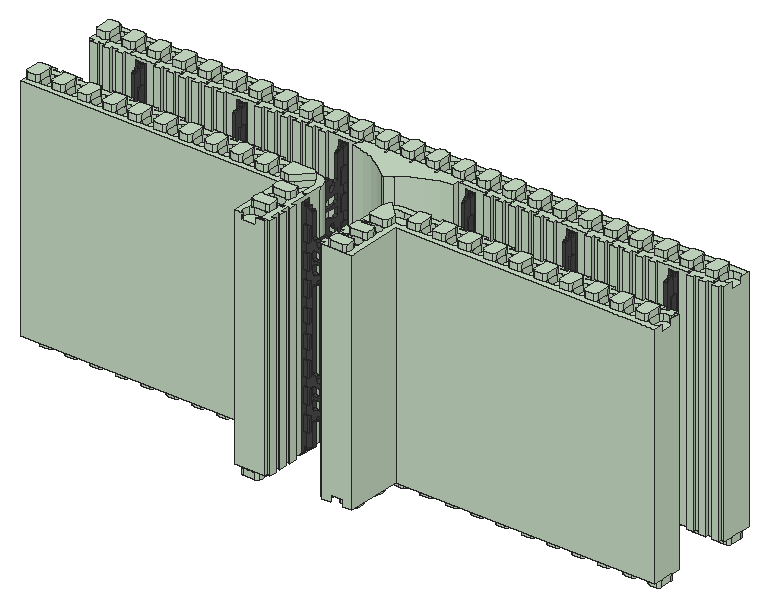
Revit family "ICF- NUDURA 4-inch- Short T Form Unit- Imperial", category Generic Models, Revit 2011 (continued)
Forms (in)
  Extrusion 46, void
    sketch origin (7.99998, -2.00002, 0) x (0, -1, 0) y (1, 0, 0)
      loop
        arc (-3.97692, -25.99998) -> (-3.88568, -25.98274) -> (-3.80702, -25.93338) r 0.25
        arc (-3.80702, -25.93338) -> (-3.78736, -25.92104) -> (-3.76455, -25.91673) r 0.0625
        line (-3.76455, -25.91673) -> (-3.41845, -25.91673) -> (-3.41845, -25.7459) -> (-3.64005, -25.7459)
        arc (-3.64005, -25.7459) -> (-3.68771, -25.72383) -> (-3.70172, -25.67321) r 0.0625
        arc (-3.70172, -25.67321) -> (-3.69045, -25.4209) -> (-3.73905, -25.17306) r 1.0625
        arc (-3.73905, -25.17306) -> (-3.82983, -25.04783) -> (-3.97692, -24.99998) r 0.25
        line (-3.97692, -24.99998) -> (-4.89808, -24.99998)
        arc (-4.89808, -24.99998) -> (-5.04517, -25.04783) -> (-5.13595, -25.17306) r 0.25
    from 18 to 17.5
  Extrusion 47, void
    sketch origin (9.99998, -2.00002, 0) x (0, -1, 0) y (1, 0, 0)
      loop
        arc (-5.13595, -25.17306) -> (-5.1875, -25.49998) -> (-5.13595, -25.8269) r 1.0625
        arc (-5.13595, -25.8269) -> (-5.04517, -25.95213) -> (-4.89808, -25.99998) r 0.25
        line (-4.89808, -25.99998) -> (-3.97692, -25.99998)
        arc (-3.97692, -25.99998) -> (-3.88568, -25.98274) -> (-3.80702, -25.93338) r 0.25
        arc (-3.80702, -25.93338) -> (-3.78736, -25.92104) -> (-3.76455, -25.91673) r 0.0625
        line (-3.76455, -25.91673) -> (-3.41845, -25.91673) -> (-3.41845, -25.7459) -> (-3.64005, -25.7459)
        arc (-3.64005, -25.7459) -> (-3.68771, -25.72383) -> (-3.70172, -25.67321) r 0.0625
        arc (-3.70172, -25.67321) -> (-3.69045, -25.4209) -> (-3.73905, -25.17306) r 1.0625
        arc (-3.73905, -25.17306) -> (-3.82983, -25.04783) -> (-3.97692, -24.99998) r 0.25
        line (-3.97692, -24.99998) -> (-4.89808, -24.99998)
        arc (-4.89808, -24.99998) -> (-5.04517, -25.04783) -> (-5.13595, -25.17306) r 0.25
    from 18 to 17.5
  Extrusion 48, void
    sketch origin (11.99998, -2.00002, 0) x (0, -1, 0) y (1, 0, 0)
      loop
        arc (-5.13595, -25.17306) -> (-5.1875, -25.49998) -> (-5.13595, -25.8269) r 1.0625
        arc (-5.13595, -25.8269) -> (-5.04517, -25.95213) -> (-4.89808, -25.99998) r 0.25
        line (-4.89808, -25.99998) -> (-3.97692, -25.99998)
        arc (-3.97692, -25.99998) -> (-3.88568, -25.98274) -> (-3.80702, -25.93338) r 0.25
        arc (-3.80702, -25.93338) -> (-3.78736, -25.92104) -> (-3.76455, -25.91673) r 0.0625
        line (-3.76455, -25.91673) -> (-3.41845, -25.91673) -> (-3.41845, -25.7459) -> (-3.64005, -25.7459)
        arc (-3.64005, -25.7459) -> (-3.68771, -25.72383) -> (-3.70172, -25.67321) r 0.0625
        arc (-3.70172, -25.67321) -> (-3.69045, -25.4209) -> (-3.73905, -25.17306) r 1.0625
        arc (-3.73905, -25.17306) -> (-3.82983, -25.04783) -> (-3.97692, -24.99998) r 0.25
        line (-3.97692, -24.99998) -> (-4.89808, -24.99998)
        arc (-4.89808, -24.99998) -> (-5.04517, -25.04783) -> (-5.13595, -25.17306) r 0.25
    from 18 to 17.5
  Extrusion 49, void
    sketch origin (13.99998, -2.00002, 0) x (0, -1, 0) y (1, 0, 0)
      loop
        arc (-5.13595, -25.17306) -> (-5.1875, -25.49998) -> (-5.13595, -25.8269) r 1.0625
        arc (-5.13595, -25.8269) -> (-5.04517, -25.95213) -> (-4.89808, -25.99998) r 0.25
        line (-4.89808, -25.99998) -> (-3.97692, -25.99998)
        arc (-3.97692, -25.99998) -> (-3.88568, -25.98274) -> (-3.80702, -25.93338) r 0.25
        arc (-3.80702, -25.93338) -> (-3.78736, -25.92104) -> (-3.76455, -25.91673) r 0.0625
        line (-3.76455, -25.91673) -> (-3.41845, -25.91673) -> (-3.41845, -25.7459) -> (-3.64005, -25.7459)
        arc (-3.64005, -25.7459) -> (-3.68771, -25.72383) -> (-3.70172, -25.67321) r 0.0625
        arc (-3.70172, -25.67321) -> (-3.69045, -25.4209) -> (-3.73905, -25.17306) r 1.0625
        arc (-3.73905, -25.17306) -> (-3.82983, -25.04783) -> (-3.97692, -24.99998) r 0.25
        line (-3.97692, -24.99998) -> (-4.89808, -24.99998)
        arc (-4.89808, -24.99998) -> (-5.04517, -25.04783) -> (-5.13595, -25.17306) r 0.25
    from 18 to 17.5
  Extrusion 50, void
    sketch origin (5.99998, -2.00002, 0) x (0, -1, 0) y (1, 0, 0)
      loop
        arc (-5.13595, -25.17306) -> (-5.1875, -25.49998) -> (-5.13595, -25.8269) r 1.0625
        arc (-5.13595, -25.8269) -> (-5.04517, -25.95213) -> (-4.89808, -25.99998) r 0.25
        line (-4.89808, -25.99998) -> (-3.97692, -25.99998)
        arc (-3.97692, -25.99998) -> (-3.88568, -25.98274) -> (-3.80702, -25.93338) r 0.25
        arc (-3.80702, -25.93338) -> (-3.78736, -25.92104) -> (-3.76455, -25.91673) r 0.0625
        line (-3.76455, -25.91673) -> (-3.41845, -25.91673) -> (-3.41845, -25.7459) -> (-3.64005, -25.7459)
        arc (-3.64005, -25.7459) -> (-3.68771, -25.72383) -> (-3.70172, -25.67321) r 0.0625
        arc (-3.70172, -25.67321) -> (-3.69045, -25.4209) -> (-3.73905, -25.17306) r 1.0625
        arc (-3.73905, -25.17306) -> (-3.82983, -25.04783) -> (-3.97692, -24.99998) r 0.25
        line (-3.97692, -24.99998) -> (-4.89808, -24.99998)
        arc (-4.89808, -24.99998) -> (-5.04517, -25.04783) -> (-5.13595, -25.17306) r 0.25
    from 18 to 17.5
  Extrusion 51, void
    sketch origin (1.99998, -2.00002, 0) x (0, -1, 0) y (1, 0, 0)
      loop
        arc (-5.13595, -25.17306) -> (-5.1875, -25.49998) -> (-5.13595, -25.8269) r 1.0625
        arc (-5.13595, -25.8269) -> (-5.04517, -25.95213) -> (-4.89808, -25.99998) r 0.25
        line (-4.89808, -25.99998) -> (-3.97692, -25.99998)
        arc (-3.97692, -25.99998) -> (-3.88568, -25.98274) -> (-3.80702, -25.93338) r 0.25
        arc (-3.80702, -25.93338) -> (-3.78736, -25.92104) -> (-3.76455, -25.91673) r 0.0625
        line (-3.76455, -25.91673) -> (-3.41845, -25.91673) -> (-3.41845, -25.7459) -> (-3.64005, -25.7459)
        arc (-3.64005, -25.7459) -> (-3.68771, -25.72383) -> (-3.70172, -25.67321) r 0.0625
        arc (-3.70172, -25.67321) -> (-3.69045, -25.4209) -> (-3.73905, -25.17306) r 1.0625
        arc (-3.73905, -25.17306) -> (-3.82983, -25.04783) -> (-3.97692, -24.99998) r 0.25
        line (-3.97692, -24.99998) -> (-4.89808, -24.99998)
        arc (-4.89808, -24.99998) -> (-5.04517, -25.04783) -> (-5.13595, -25.17306) r 0.25
    from 18 to 17.5
  Extrusion 52, void
    sketch origin (3.99998, -2.00002, 0) x (0, -1, 0) y (1, 0, 0)
      loop
        arc (-5.13595, -25.17306) -> (-5.1875, -25.49998) -> (-5.13595, -25.8269) r 1.0625
        arc (-5.13595, -25.8269) -> (-5.04517, -25.95213) -> (-4.89808, -25.99998) r 0.25
        line (-4.89808, -25.99998) -> (-3.97692, -25.99998)
        arc (-3.97692, -25.99998) -> (-3.88568, -25.98274) -> (-3.80702, -25.93338) r 0.25
        arc (-3.80702, -25.93338) -> (-3.78736, -25.92104) -> (-3.76455, -25.91673) r 0.0625
        line (-3.76455, -25.91673) -> (-3.41845, -25.91673) -> (-3.41845, -25.7459) -> (-3.64005, -25.7459)
        arc (-3.64005, -25.7459) -> (-3.68771, -25.72383) -> (-3.70172, -25.67321) r 0.0625
        arc (-3.70172, -25.67321) -> (-3.69045, -25.4209) -> (-3.73905, -25.17306) r 1.0625
        arc (-3.73905, -25.17306) -> (-3.82983, -25.04783) -> (-3.97692, -24.99998) r 0.25
        line (-3.97692, -24.99998) -> (-4.89808, -24.99998)
        arc (-4.89808, -24.99998) -> (-5.04517, -25.04783) -> (-5.13595, -25.17306) r 0.25
    from 18 to 17.5
  Extrusion 53, void
    sketch origin (-34.99998, 0.00002, 0) x (0, 1, 0) y (-1, 0, 0)
      loop
        arc (-5.13595, -25.17306) -> (-5.1875, -25.49998) -> (-5.13595, -25.8269) r 1.0625
        arc (-5.13595, -25.8269) -> (-5.04517, -25.95213) -> (-4.89808, -25.99998) r 0.25
        line (-4.89808, -25.99998) -> (-3.97692, -25.99998)
        arc (-3.97692, -25.99998) -> (-3.88568, -25.98274) -> (-3.80702, -25.93338) r 0.25
        arc (-3.80702, -25.93338) -> (-3.78736, -25.92104) -> (-3.76455, -25.91673) r 0.0625
        line (-3.76455, -25.91673) -> (-3.41845, -25.91673) -> (-3.41845, -25.7459) -> (-3.64005, -25.7459)
        arc (-3.64005, -25.7459) -> (-3.68771, -25.72383) -> (-3.70172, -25.67321) r 0.0625
        arc (-3.70172, -25.67321) -> (-3.69045, -25.4209) -> (-3.73905, -25.17306) r 1.0625
        arc (-3.73905, -25.17306) -> (-3.82983, -25.04783) -> (-3.97692, -24.99998) r 0.25
        line (-3.97692, -24.99998) -> (-4.89808, -24.99998)
        arc (-4.89808, -24.99998) -> (-5.04517, -25.04783) -> (-5.13595, -25.17306) r 0.25
    from 18 to 17.5
  Extrusion 54, void
    sketch origin (-36.99998, 0.00002, 0) x (0, 1, 0) y (-1, 0, 0)
      loop
        arc (-5.13595, -25.17306) -> (-5.1875, -25.49998) -> (-5.13595, -25.8269) r 1.0625
        arc (-5.13595, -25.8269) -> (-5.04517, -25.95213) -> (-4.89808, -25.99998) r 0.25
        line (-4.89808, -25.99998) -> (-3.97692, -25.99998)
        arc (-3.97692, -25.99998) -> (-3.88568, -25.98274) -> (-3.80702, -25.93338) r 0.25
        arc (-3.80702, -25.93338) -> (-3.78736, -25.92104) -> (-3.76455, -25.91673) r 0.0625
        line (-3.76455, -25.91673) -> (-3.41845, -25.91673) -> (-3.41845, -25.7459) -> (-3.64005, -25.7459)
        arc (-3.64005, -25.7459) -> (-3.68771, -25.72383) -> (-3.70172, -25.67321) r 0.0625
        arc (-3.70172, -25.67321) -> (-3.69045, -25.4209) -> (-3.73905, -25.17306) r 1.0625
        arc (-3.73905, -25.17306) -> (-3.82983, -25.04783) -> (-3.97692, -24.99998) r 0.25
        line (-3.97692, -24.99998) -> (-4.89808, -24.99998)
        arc (-4.89808, -24.99998) -> (-5.04517, -25.04783) -> (-5.13595, -25.17306) r 0.25
    from 18 to 17.5
  Extrusion 55, void
    sketch origin (-38.99998, 0.00002, 0) x (0, 1, 0) y (-1, 0, 0)
      loop
        arc (-5.13595, -25.17306) -> (-5.1875, -25.49998) -> (-5.13595, -25.8269) r 1.0625
        arc (-5.13595, -25.8269) -> (-5.04517, -25.95213) -> (-4.89808, -25.99998) r 0.25
        line (-4.89808, -25.99998) -> (-3.97692, -25.99998)
        arc (-3.97692, -25.99998) -> (-3.88568, -25.98274) -> (-3.80702, -25.93338) r 0.25
        arc (-3.80702, -25.93338) -> (-3.78736, -25.92104) -> (-3.76455, -25.91673) r 0.0625
        line (-3.76455, -25.91673) -> (-3.41845, -25.91673) -> (-3.41845, -25.7459) -> (-3.64005, -25.7459)
        arc (-3.64005, -25.7459) -> (-3.68771, -25.72383) -> (-3.70172, -25.67321) r 0.0625
        arc (-3.70172, -25.67321) -> (-3.69045, -25.4209) -> (-3.73905, -25.17306) r 1.0625
        arc (-3.73905, -25.17306) -> (-3.82983, -25.04783) -> (-3.97692, -24.99998) r 0.25
        line (-3.97692, -24.99998) -> (-4.89808, -24.99998)
        arc (-4.89808, -24.99998) -> (-5.04517, -25.04783) -> (-5.13595, -25.17306) r 0.25
    from 18 to 17.5
  Extrusion 56, void
    sketch origin (-40.99998, 0.00002, 0) x (0, 1, 0) y (-1, 0, 0)
      loop
        arc (-5.13595, -25.17306) -> (-5.1875, -25.49998) -> (-5.13595, -25.8269) r 1.0625
        arc (-5.13595, -25.8269) -> (-5.04517, -25.95213) -> (-4.89808, -25.99998) r 0.25
        line (-4.89808, -25.99998) -> (-3.97692, -25.99998)
        arc (-3.97692, -25.99998) -> (-3.88568, -25.98274) -> (-3.80702, -25.93338) r 0.25
        arc (-3.80702, -25.93338) -> (-3.78736, -25.92104) -> (-3.76455, -25.91673) r 0.0625
        line (-3.76455, -25.91673) -> (-3.41845, -25.91673) -> (-3.41845, -25.7459) -> (-3.64005, -25.7459)
        arc (-3.64005, -25.7459) -> (-3.68771, -25.72383) -> (-3.70172, -25.67321) r 0.0625
        arc (-3.70172, -25.67321) -> (-3.69045, -25.4209) -> (-3.73905, -25.17306) r 1.0625
        arc (-3.73905, -25.17306) -> (-3.82983, -25.04783) -> (-3.97692, -24.99998) r 0.25
        line (-3.97692, -24.99998) -> (-4.89808, -24.99998)
        arc (-4.89808, -24.99998) -> (-5.04517, -25.04783) -> (-5.13595, -25.17306) r 0.25
    from 18 to 17.5
  Extrusion 57, void
    sketch origin (-42.99998, 0.00002, 0) x (0, 1, 0) y (-1, 0, 0)
      loop
        arc (-5.13595, -25.17306) -> (-5.1875, -25.49998) -> (-5.13595, -25.8269) r 1.0625
        arc (-5.13595, -25.8269) -> (-5.04517, -25.95213) -> (-4.89808, -25.99998) r 0.25
        line (-4.89808, -25.99998) -> (-3.97692, -25.99998)
        arc (-3.97692, -25.99998) -> (-3.88568, -25.98274) -> (-3.80702, -25.93338) r 0.25
        arc (-3.80702, -25.93338) -> (-3.78736, -25.92104) -> (-3.76455, -25.91673) r 0.0625
        line (-3.76455, -25.91673) -> (-3.41845, -25.91673) -> (-3.41845, -25.7459) -> (-3.64005, -25.7459)
        arc (-3.64005, -25.7459) -> (-3.68771, -25.72383) -> (-3.70172, -25.67321) r 0.0625
        arc (-3.70172, -25.67321) -> (-3.69045, -25.4209) -> (-3.73905, -25.17306) r 1.0625
        arc (-3.73905, -25.17306) -> (-3.82983, -25.04783) -> (-3.97692, -24.99998) r 0.25
        line (-3.97692, -24.99998) -> (-4.89808, -24.99998)
        arc (-4.89808, -24.99998) -> (-5.04517, -25.04783) -> (-5.13595, -25.17306) r 0.25
    from 18 to 17.5
  Extrusion 58, void
    sketch origin (-44.99998, 0.00002, 0) x (0, 1, 0) y (-1, 0, 0)
      loop
        arc (-5.13595, -25.17306) -> (-5.1875, -25.49998) -> (-5.13595, -25.8269) r 1.0625
        arc (-5.13595, -25.8269) -> (-5.04517, -25.95213) -> (-4.89808, -25.99998) r 0.25
        line (-4.89808, -25.99998) -> (-3.97692, -25.99998)
        arc (-3.97692, -25.99998) -> (-3.88568, -25.98274) -> (-3.80702, -25.93338) r 0.25
        arc (-3.80702, -25.93338) -> (-3.78736, -25.92104) -> (-3.76455, -25.91673) r 0.0625
        line (-3.76455, -25.91673) -> (-3.41845, -25.91673) -> (-3.41845, -25.7459) -> (-3.64005, -25.7459)
        arc (-3.64005, -25.7459) -> (-3.68771, -25.72383) -> (-3.70172, -25.67321) r 0.0625
        arc (-3.70172, -25.67321) -> (-3.69045, -25.4209) -> (-3.73905, -25.17306) r 1.0625
        arc (-3.73905, -25.17306) -> (-3.82983, -25.04783) -> (-3.97692, -24.99998) r 0.25
        line (-3.97692, -24.99998) -> (-4.89808, -24.99998)
        arc (-4.89808, -24.99998) -> (-5.04517, -25.04783) -> (-5.13595, -25.17306) r 0.25
    from 18 to 17.5
  Extrusion 59, void
    sketch origin (-46.99998, 0.00002, 0) x (0, 1, 0) y (-1, 0, 0)
      loop
        arc (-5.13595, -25.17306) -> (-5.1875, -25.49998) -> (-5.13595, -25.8269) r 1.0625
        arc (-5.13595, -25.8269) -> (-5.04517, -25.95213) -> (-4.89808, -25.99998) r 0.25
        line (-4.89808, -25.99998) -> (-3.97692, -25.99998)
        arc (-3.97692, -25.99998) -> (-3.88568, -25.98274) -> (-3.80702, -25.93338) r 0.25
        arc (-3.80702, -25.93338) -> (-3.78736, -25.92104) -> (-3.76455, -25.91673) r 0.0625
        line (-3.76455, -25.91673) -> (-3.41845, -25.91673) -> (-3.41845, -25.7459) -> (-3.64005, -25.7459)
        arc (-3.64005, -25.7459) -> (-3.68771, -25.72383) -> (-3.70172, -25.67321) r 0.0625
        arc (-3.70172, -25.67321) -> (-3.69045, -25.4209) -> (-3.73905, -25.17306) r 1.0625
        arc (-3.73905, -25.17306) -> (-3.82983, -25.04783) -> (-3.97692, -24.99998) r 0.25
        line (-3.97692, -24.99998) -> (-4.89808, -24.99998)
        arc (-4.89808, -24.99998) -> (-5.04517, -25.04783) -> (-5.13595, -25.17306) r 0.25
    from 18 to 17.5
  Extrusion 60, void
    sketch origin (-48.99998, 0.00002, 0) x (0, 1, 0) y (-1, 0, 0)
      loop
        arc (-5.13595, -25.17306) -> (-5.1875, -25.49998) -> (-5.13595, -25.8269) r 1.0625
        arc (-5.13595, -25.8269) -> (-5.04517, -25.95213) -> (-4.89808, -25.99998) r 0.25
        line (-4.89808, -25.99998) -> (-3.97692, -25.99998)
        arc (-3.97692, -25.99998) -> (-3.88568, -25.98274) -> (-3.80702, -25.93338) r 0.25
        arc (-3.80702, -25.93338) -> (-3.78736, -25.92104) -> (-3.76455, -25.91673) r 0.0625
        line (-3.76455, -25.91673) -> (-3.41845, -25.91673) -> (-3.41845, -25.7459) -> (-3.64005, -25.7459)
        arc (-3.64005, -25.7459) -> (-3.68771, -25.72383) -> (-3.70172, -25.67321) r 0.0625
        arc (-3.70172, -25.67321) -> (-3.69045, -25.4209) -> (-3.73905, -25.17306) r 1.0625
        arc (-3.73905, -25.17306) -> (-3.82983, -25.04783) -> (-3.97692, -24.99998) r 0.25
        line (-3.97692, -24.99998) -> (-4.89808, -24.99998)
        arc (-4.89808, -24.99998) -> (-5.04517, -25.04783) -> (-5.13595, -25.17306) r 0.25
    from 18 to 17.5
  Extrusion 61, void
    sketch origin (-14.99998, 0.00002, 0) x (0, 1, 0) y (-1, 0, 0)
      loop
        arc (-5.13595, -25.17306) -> (-5.1875, -25.49998) -> (-5.13595, -25.8269) r 1.0625
        arc (-5.13595, -25.8269) -> (-5.04517, -25.95213) -> (-4.89808, -25.99998) r 0.25
        line (-4.89808, -25.99998) -> (-3.97692, -25.99998)
        arc (-3.97692, -25.99998) -> (-3.88568, -25.98274) -> (-3.80702, -25.93338) r 0.25
        arc (-3.80702, -25.93338) -> (-3.78736, -25.92104) -> (-3.76455, -25.91673) r 0.0625
        line (-3.76455, -25.91673) -> (-3.41845, -25.91673) -> (-3.41845, -25.7459) -> (-3.64005, -25.7459)
        arc (-3.64005, -25.7459) -> (-3.68771, -25.72383) -> (-3.70172, -25.67321) r 0.0625
        arc (-3.70172, -25.67321) -> (-3.69045, -25.4209) -> (-3.73905, -25.17306) r 1.0625
        arc (-3.73905, -25.17306) -> (-3.82983, -25.04783) -> (-3.97692, -24.99998) r 0.25
        line (-3.97692, -24.99998) -> (-4.89808, -24.99998)
        arc (-4.89808, -24.99998) -> (-5.04517, -25.04783) -> (-5.13595, -25.17306) r 0.25
    from 18 to 17.5
  Extrusion 62, void
    sketch origin (-12.99998, 0.00002, 0) x (0, 1, 0) y (-1, 0, 0)
      loop
        arc (-5.13595, -25.17306) -> (-5.1875, -25.49998) -> (-5.13595, -25.8269) r 1.0625
        arc (-5.13595, -25.8269) -> (-5.04517, -25.95213) -> (-4.89808, -25.99998) r 0.25
        line (-4.89808, -25.99998) -> (-3.97692, -25.99998)
        arc (-3.97692, -25.99998) -> (-3.88568, -25.98274) -> (-3.80702, -25.93338) r 0.25
        arc (-3.80702, -25.93338) -> (-3.78736, -25.92104) -> (-3.76455, -25.91673) r 0.0625
        line (-3.76455, -25.91673) -> (-3.41845, -25.91673) -> (-3.41845, -25.7459) -> (-3.64005, -25.7459)
        arc (-3.64005, -25.7459) -> (-3.68771, -25.72383) -> (-3.70172, -25.67321) r 0.0625
        arc (-3.70172, -25.67321) -> (-3.69045, -25.4209) -> (-3.73905, -25.17306) r 1.0625
        arc (-3.73905, -25.17306) -> (-3.82983, -25.04783) -> (-3.97692, -24.99998) r 0.25
        line (-3.97692, -24.99998) -> (-4.89808, -24.99998)
        arc (-4.89808, -24.99998) -> (-5.04517, -25.04783) -> (-5.13595, -25.17306) r 0.25
    from 18 to 17.5
  Extrusion 63, void
    sketch origin (-10.99998, 0.00002, 0) x (0, 1, 0) y (-1, 0, 0)
      loop
        arc (-5.13595, -25.17306) -> (-5.1875, -25.49998) -> (-5.13595, -25.8269) r 1.0625
        arc (-5.13595, -25.8269) -> (-5.04517, -25.95213) -> (-4.89808, -25.99998) r 0.25
        line (-4.89808, -25.99998) -> (-3.97692, -25.99998)
        arc (-3.97692, -25.99998) -> (-3.88568, -25.98274) -> (-3.80702, -25.93338) r 0.25
        arc (-3.80702, -25.93338) -> (-3.78736, -25.92104) -> (-3.76455, -25.91673) r 0.0625
        line (-3.76455, -25.91673) -> (-3.41845, -25.91673) -> (-3.41845, -25.7459) -> (-3.64005, -25.7459)
        arc (-3.64005, -25.7459) -> (-3.68771, -25.72383) -> (-3.70172, -25.67321) r 0.0625
        arc (-3.70172, -25.67321) -> (-3.69045, -25.4209) -> (-3.73905, -25.17306) r 1.0625
        arc (-3.73905, -25.17306) -> (-3.82983, -25.04783) -> (-3.97692, -24.99998) r 0.25
        line (-3.97692, -24.99998) -> (-4.89808, -24.99998)
        arc (-4.89808, -24.99998) -> (-5.04517, -25.04783) -> (-5.13595, -25.17306) r 0.25
    from 18 to 17.5
  Extrusion 64, void
    sketch origin (-8.99998, 0.00002, 0) x (0, 1, 0) y (-1, 0, 0)
      loop
        arc (-5.13595, -25.17306) -> (-5.1875, -25.49998) -> (-5.13595, -25.8269) r 1.0625
        arc (-5.13595, -25.8269) -> (-5.04517, -25.95213) -> (-4.89808, -25.99998) r 0.25
        line (-4.89808, -25.99998) -> (-3.97692, -25.99998)
        arc (-3.97692, -25.99998) -> (-3.88568, -25.98274) -> (-3.80702, -25.93338) r 0.25
        arc (-3.80702, -25.93338) -> (-3.78736, -25.92104) -> (-3.76455, -25.91673) r 0.0625
        line (-3.76455, -25.91673) -> (-3.41845, -25.91673) -> (-3.41845, -25.7459) -> (-3.64005, -25.7459)
        arc (-3.64005, -25.7459) -> (-3.68771, -25.72383) -> (-3.70172, -25.67321) r 0.0625
        arc (-3.70172, -25.67321) -> (-3.69045, -25.4209) -> (-3.73905, -25.17306) r 1.0625
        arc (-3.73905, -25.17306) -> (-3.82983, -25.04783) -> (-3.97692, -24.99998) r 0.25
        line (-3.97692, -24.99998) -> (-4.89808, -24.99998)
        arc (-4.89808, -24.99998) -> (-5.04517, -25.04783) -> (-5.13595, -25.17306) r 0.25
    from 18 to 17.5
  Extrusion 65, void
    sketch origin (-6.99998, 0.00002, 0) x (0, 1, 0) y (-1, 0, 0)
      loop
        arc (-5.13595, -25.17306) -> (-5.1875, -25.49998) -> (-5.13595, -25.8269) r 1.0625
        arc (-5.13595, -25.8269) -> (-5.04517, -25.95213) -> (-4.89808, -25.99998) r 0.25
        line (-4.89808, -25.99998) -> (-3.97692, -25.99998)
        arc (-3.97692, -25.99998) -> (-3.88568, -25.98274) -> (-3.80702, -25.93338) r 0.25
        arc (-3.80702, -25.93338) -> (-3.78736, -25.92104) -> (-3.76455, -25.91673) r 0.0625
        line (-3.76455, -25.91673) -> (-3.41845, -25.91673) -> (-3.41845, -25.7459) -> (-3.64005, -25.7459)
        arc (-3.64005, -25.7459) -> (-3.68771, -25.72383) -> (-3.70172, -25.67321) r 0.0625
        arc (-3.70172, -25.67321) -> (-3.69045, -25.4209) -> (-3.73905, -25.17306) r 1.0625
        arc (-3.73905, -25.17306) -> (-3.82983, -25.04783) -> (-3.97692, -24.99998) r 0.25
        line (-3.97692, -24.99998) -> (-4.89808, -24.99998)
        arc (-4.89808, -24.99998) -> (-5.04517, -25.04783) -> (-5.13595, -25.17306) r 0.25
    from 18 to 17.5
  Extrusion 66, void
    sketch origin (-4.99998, 0.00002, 0) x (0, 1, 0) y (-1, 0, 0)
      loop
        arc (-5.13595, -25.17306) -> (-5.1875, -25.49998) -> (-5.13595, -25.8269) r 1.0625
        arc (-5.13595, -25.8269) -> (-5.04517, -25.95213) -> (-4.89808, -25.99998) r 0.25
        line (-4.89808, -25.99998) -> (-3.97692, -25.99998)
        arc (-3.97692, -25.99998) -> (-3.88568, -25.98274) -> (-3.80702, -25.93338) r 0.25
        arc (-3.80702, -25.93338) -> (-3.78736, -25.92104) -> (-3.76455, -25.91673) r 0.0625
        line (-3.76455, -25.91673) -> (-3.41845, -25.91673) -> (-3.41845, -25.7459) -> (-3.64005, -25.7459)
        arc (-3.64005, -25.7459) -> (-3.68771, -25.72383) -> (-3.70172, -25.67321) r 0.0625
        arc (-3.70172, -25.67321) -> (-3.69045, -25.4209) -> (-3.73905, -25.17306) r 1.0625
        arc (-3.73905, -25.17306) -> (-3.82983, -25.04783) -> (-3.97692, -24.99998) r 0.25
        line (-3.97692, -24.99998) -> (-4.89808, -24.99998)
        arc (-4.89808, -24.99998) -> (-5.04517, -25.04783) -> (-5.13595, -25.17306) r 0.25
    from 18 to 17.5
  Extrusion 67, void
    sketch origin (-2.99998, 0.00002, 0) x (0, 1, 0) y (-1, 0, 0)
      loop
        arc (-5.13595, -25.17306) -> (-5.1875, -25.49998) -> (-5.13595, -25.8269) r 1.0625
        arc (-5.13595, -25.8269) -> (-5.04517, -25.95213) -> (-4.89808, -25.99998) r 0.25
        line (-4.89808, -25.99998) -> (-3.97692, -25.99998)
        arc (-3.97692, -25.99998) -> (-3.88568, -25.98274) -> (-3.80702, -25.93338) r 0.25
        arc (-3.80702, -25.93338) -> (-3.78736, -25.92104) -> (-3.76455, -25.91673) r 0.0625
        line (-3.76455, -25.91673) -> (-3.41845, -25.91673) -> (-3.41845, -25.7459) -> (-3.64005, -25.7459)
        arc (-3.64005, -25.7459) -> (-3.68771, -25.72383) -> (-3.70172, -25.67321) r 0.0625
        arc (-3.70172, -25.67321) -> (-3.69045, -25.4209) -> (-3.73905, -25.17306) r 1.0625
        arc (-3.73905, -25.17306) -> (-3.82983, -25.04783) -> (-3.97692, -24.99998) r 0.25
        line (-3.97692, -24.99998) -> (-4.89808, -24.99998)
        arc (-4.89808, -24.99998) -> (-5.04517, -25.04783) -> (-5.13595, -25.17306) r 0.25
    from 18 to 17.5
  Extrusion 68, void
    sketch origin (-0.99998, 0.00002, 0) x (0, 1, 0) y (-1, 0, 0)
      loop
        arc (-5.13595, -25.17306) -> (-5.1875, -25.49998) -> (-5.13595, -25.8269) r 1.0625
        arc (-5.13595, -25.8269) -> (-5.04517, -25.95213) -> (-4.89808, -25.99998) r 0.25
        line (-4.89808, -25.99998) -> (-3.97692, -25.99998)
        arc (-3.97692, -25.99998) -> (-3.88568, -25.98274) -> (-3.80702, -25.93338) r 0.25
        arc (-3.80702, -25.93338) -> (-3.78736, -25.92104) -> (-3.76455, -25.91673) r 0.0625
        line (-3.76455, -25.91673) -> (-3.41845, -25.91673) -> (-3.41845, -25.7459) -> (-3.64005, -25.7459)
        arc (-3.64005, -25.7459) -> (-3.68771, -25.72383) -> (-3.70172, -25.67321) r 0.0625
        arc (-3.70172, -25.67321) -> (-3.69045, -25.4209) -> (-3.73905, -25.17306) r 1.0625
        arc (-3.73905, -25.17306) -> (-3.82983, -25.04783) -> (-3.97692, -24.99998) r 0.25
        line (-3.97692, -24.99998) -> (-4.89808, -24.99998)
        arc (-4.89808, -24.99998) -> (-5.04517, -25.04783) -> (-5.13595, -25.17306) r 0.25
    from 18 to 17.5
  Extrusion 69, void
    sketch origin (37.99998, -2.00002, 0) x (0, -1, 0) y (1, 0, 0)
      loop
        arc (-5.13595, -25.17306) -> (-5.1875, -25.49998) -> (-5.13595, -25.8269) r 1.0625
        arc (-5.13595, -25.8269) -> (-5.04517, -25.95213) -> (-4.89808, -25.99998) r 0.25
        line (-4.89808, -25.99998) -> (-3.97692, -25.99998)
        arc (-3.97692, -25.99998) -> (-3.88568, -25.98274) -> (-3.80702, -25.93338) r 0.25
        arc (-3.80702, -25.93338) -> (-3.78736, -25.92104) -> (-3.76455, -25.91673) r 0.0625
        line (-3.76455, -25.91673) -> (-3.41845, -25.91673) -> (-3.41845, -25.7459) -> (-3.64005, -25.7459)
        arc (-3.64005, -25.7459) -> (-3.68771, -25.72383) -> (-3.70172, -25.67321) r 0.0625
        arc (-3.70172, -25.67321) -> (-3.69045, -25.4209) -> (-3.73905, -25.17306) r 1.0625
        arc (-3.73905, -25.17306) -> (-3.82983, -25.04783) -> (-3.97692, -24.99998) r 0.25
        line (-3.97692, -24.99998) -> (-4.89808, -24.99998)
        arc (-4.89808, -24.99998) -> (-5.04517, -25.04783) -> (-5.13595, -25.17306) r 0.25
    from 18 to 17.5
  Extrusion 70, void
    sketch origin (39.99998, -2.00002, 0) x (0, -1, 0) y (1, 0, 0)
      loop
        arc (-5.13595, -25.17306) -> (-5.1875, -25.49998) -> (-5.13595, -25.8269) r 1.0625
        arc (-5.13595, -25.8269) -> (-5.04517, -25.95213) -> (-4.89808, -25.99998) r 0.25
        line (-4.89808, -25.99998) -> (-3.97692, -25.99998)
        arc (-3.97692, -25.99998) -> (-3.88568, -25.98274) -> (-3.80702, -25.93338) r 0.25
        arc (-3.80702, -25.93338) -> (-3.78736, -25.92104) -> (-3.76455, -25.91673) r 0.0625
        line (-3.76455, -25.91673) -> (-3.41845, -25.91673) -> (-3.41845, -25.7459) -> (-3.64005, -25.7459)
        arc (-3.64005, -25.7459) -> (-3.68771, -25.72383) -> (-3.70172, -25.67321) r 0.0625
        arc (-3.70172, -25.67321) -> (-3.69045, -25.4209) -> (-3.73905, -25.17306) r 1.0625
        arc (-3.73905, -25.17306) -> (-3.82983, -25.04783) -> (-3.97692, -24.99998) r 0.25
        line (-3.97692, -24.99998) -> (-4.89808, -24.99998)
        arc (-4.89808, -24.99998) -> (-5.04517, -25.04783) -> (-5.13595, -25.17306) r 0.25
    from 18 to 17.5
  Extrusion 71, void
    sketch origin (41.99998, -2.00002, 0) x (0, -1, 0) y (1, 0, 0)
      loop
        arc (-5.13595, -25.17306) -> (-5.1875, -25.49998) -> (-5.13595, -25.8269) r 1.0625
        arc (-5.13595, -25.8269) -> (-5.04517, -25.95213) -> (-4.89808, -25.99998) r 0.25
        line (-4.89808, -25.99998) -> (-3.97692, -25.99998)
        arc (-3.97692, -25.99998) -> (-3.88568, -25.98274) -> (-3.80702, -25.93338) r 0.25
        arc (-3.80702, -25.93338) -> (-3.78736, -25.92104) -> (-3.76455, -25.91673) r 0.0625
        line (-3.76455, -25.91673) -> (-3.41845, -25.91673) -> (-3.41845, -25.7459) -> (-3.64005, -25.7459)
        arc (-3.64005, -25.7459) -> (-3.68771, -25.72383) -> (-3.70172, -25.67321) r 0.0625
        arc (-3.70172, -25.67321) -> (-3.69045, -25.4209) -> (-3.73905, -25.17306) r 1.0625
        arc (-3.73905, -25.17306) -> (-3.82983, -25.04783) -> (-3.97692, -24.99998) r 0.25
        line (-3.97692, -24.99998) -> (-4.89808, -24.99998)
        arc (-4.89808, -24.99998) -> (-5.04517, -25.04783) -> (-5.13595, -25.17306) r 0.25
    from 18 to 17.5
  Extrusion 72, void
    sketch origin (43.99998, -2.00002, 0) x (0, -1, 0) y (1, 0, 0)
      loop
        arc (-5.13595, -25.17306) -> (-5.1875, -25.49998) -> (-5.13595, -25.8269) r 1.0625
        arc (-5.13595, -25.8269) -> (-5.04517, -25.95213) -> (-4.89808, -25.99998) r 0.25
        line (-4.89808, -25.99998) -> (-3.97692, -25.99998)
        arc (-3.97692, -25.99998) -> (-3.88568, -25.98274) -> (-3.80702, -25.93338) r 0.25
        arc (-3.80702, -25.93338) -> (-3.78736, -25.92104) -> (-3.76455, -25.91673) r 0.0625
        line (-3.76455, -25.91673) -> (-3.41845, -25.91673) -> (-3.41845, -25.7459) -> (-3.64005, -25.7459)
        arc (-3.64005, -25.7459) -> (-3.68771, -25.72383) -> (-3.70172, -25.67321) r 0.0625
        arc (-3.70172, -25.67321) -> (-3.69045, -25.4209) -> (-3.73905, -25.17306) r 1.0625
        arc (-3.73905, -25.17306) -> (-3.82983, -25.04783) -> (-3.97692, -24.99998) r 0.25
        line (-3.97692, -24.99998) -> (-4.89808, -24.99998)
        arc (-4.89808, -24.99998) -> (-5.04517, -25.04783) -> (-5.13595, -25.17306) r 0.25
    from 18 to 17.5
  Extrusion 73, void
    sketch origin (45.99998, -2.00002, 0) x (0, -1, 0) y (1, 0, 0)
      loop
        arc (-5.13595, -25.17306) -> (-5.1875, -25.49998) -> (-5.13595, -25.8269) r 1.0625
        arc (-5.13595, -25.8269) -> (-5.04517, -25.95213) -> (-4.89808, -25.99998) r 0.25
        line (-4.89808, -25.99998) -> (-3.97692, -25.99998)
        arc (-3.97692, -25.99998) -> (-3.88568, -25.98274) -> (-3.80702, -25.93338) r 0.25
        arc (-3.80702, -25.93338) -> (-3.78736, -25.92104) -> (-3.76455, -25.91673) r 0.0625
        line (-3.76455, -25.91673) -> (-3.41845, -25.91673) -> (-3.41845, -25.7459) -> (-3.64005, -25.7459)
        arc (-3.64005, -25.7459) -> (-3.68771, -25.72383) -> (-3.70172, -25.67321) r 0.0625
        arc (-3.70172, -25.67321) -> (-3.69045, -25.4209) -> (-3.73905, -25.17306) r 1.0625
        arc (-3.73905, -25.17306) -> (-3.82983, -25.04783) -> (-3.97692, -24.99998) r 0.25
        line (-3.97692, -24.99998) -> (-4.89808, -24.99998)
        arc (-4.89808, -24.99998) -> (-5.04517, -25.04783) -> (-5.13595, -25.17306) r 0.25
    from 18 to 17.5
  Extrusion 74, void
    sketch origin (47.99998, -2.00002, 0) x (0, -1, 0) y (1, 0, 0)
      loop
        arc (-5.13595, -25.17306) -> (-5.1875, -25.49998) -> (-5.13595, -25.8269) r 1.0625
        arc (-5.13595, -25.8269) -> (-5.04517, -25.95213) -> (-4.89808, -25.99998) r 0.25
        line (-4.89808, -25.99998) -> (-3.97692, -25.99998)
        arc (-3.97692, -25.99998) -> (-3.88568, -25.98274) -> (-3.80702, -25.93338) r 0.25
        arc (-3.80702, -25.93338) -> (-3.78736, -25.92104) -> (-3.76455, -25.91673) r 0.0625
        line (-3.76455, -25.91673) -> (-3.41845, -25.91673) -> (-3.41845, -25.7459) -> (-3.64005, -25.7459)
        arc (-3.64005, -25.7459) -> (-3.68771, -25.72383) -> (-3.70172, -25.67321) r 0.0625
        arc (-3.70172, -25.67321) -> (-3.69045, -25.4209) -> (-3.73905, -25.17306) r 1.0625
        arc (-3.73905, -25.17306) -> (-3.82983, -25.04783) -> (-3.97692, -24.99998) r 0.25
        line (-3.97692, -24.99998) -> (-4.89808, -24.99998)
        arc (-4.89808, -24.99998) -> (-5.04517, -25.04783) -> (-5.13595, -25.17306) r 0.25
    from 18 to 17.5
  Extrusion 75, void
    sketch origin (49.99998, -2.00002, 0) x (0, -1, 0) y (1, 0, 0)
      loop
        arc (-5.13595, -25.17306) -> (-5.1875, -25.49998) -> (-5.13595, -25.8269) r 1.0625
        arc (-5.13595, -25.8269) -> (-5.04517, -25.95213) -> (-4.89808, -25.99998) r 0.25
        line (-4.89808, -25.99998) -> (-3.97692, -25.99998)
        arc (-3.97692, -25.99998) -> (-3.88568, -25.98274) -> (-3.80702, -25.93338) r 0.25
        arc (-3.80702, -25.93338) -> (-3.78736, -25.92104) -> (-3.76455, -25.91673) r 0.0625
        line (-3.76455, -25.91673) -> (-3.41845, -25.91673) -> (-3.41845, -25.7459) -> (-3.64005, -25.7459)
        arc (-3.64005, -25.7459) -> (-3.68771, -25.72383) -> (-3.70172, -25.67321) r 0.0625
        arc (-3.70172, -25.67321) -> (-3.69045, -25.4209) -> (-3.73905, -25.17306) r 1.0625
        arc (-3.73905, -25.17306) -> (-3.82983, -25.04783) -> (-3.97692, -24.99998) r 0.25
        line (-3.97692, -24.99998) -> (-4.89808, -24.99998)
        arc (-4.89808, -24.99998) -> (-5.04517, -25.04783) -> (-5.13595, -25.17306) r 0.25
    from 18 to 17.5
  Extrusion 76, void
    sketch origin (35.99998, -2.00002, 0) x (0, -1, 0) y (1, 0, 0)
      loop
        arc (-5.13595, -25.17306) -> (-5.1875, -25.49998) -> (-5.13595, -25.8269) r 1.0625
        arc (-5.13595, -25.8269) -> (-5.04517, -25.95213) -> (-4.89808, -25.99998) r 0.25
        line (-4.89808, -25.99998) -> (-3.97692, -25.99998)
        arc (-3.97692, -25.99998) -> (-3.88568, -25.98274) -> (-3.80702, -25.93338) r 0.25
        arc (-3.80702, -25.93338) -> (-3.78736, -25.92104) -> (-3.76455, -25.91673) r 0.0625
        line (-3.76455, -25.91673) -> (-3.41845, -25.91673) -> (-3.41845, -25.7459) -> (-3.64005, -25.7459)
        arc (-3.64005, -25.7459) -> (-3.68771, -25.72383) -> (-3.70172, -25.67321) r 0.0625
        arc (-3.70172, -25.67321) -> (-3.69045, -25.4209) -> (-3.73905, -25.17306) r 1.0625
        arc (-3.73905, -25.17306) -> (-3.82983, -25.04783) -> (-3.97692, -24.99998) r 0.25
        line (-3.97692, -24.99998) -> (-4.89808, -24.99998)
        arc (-4.89808, -24.99998) -> (-5.04517, -25.04783) -> (-5.13595, -25.17306) r 0.25
    from 18 to 17.5
  Extrusion 77, void
    sketch origin (14.99998, 0.00002, 0) x (0, 1, 0) y (-1, 0, 0)
      loop
        arc (-5.13595, 25.17306) -> (-5.04517, 25.04783) -> (-4.89808, 24.99998) r 0.25
        line (-4.89808, 24.99998) -> (-3.97692, 24.99998)
        arc (-3.97692, 24.99998) -> (-3.82983, 25.04783) -> (-3.73905, 25.17306) r 0.25
        arc (-3.73905, 25.17306) -> (-3.69045, 25.4209) -> (-3.70172, 25.67321) r 1.0625
        arc (-3.70172, 25.67321) -> (-3.68771, 25.72383) -> (-3.64005, 25.7459) r 0.0625
        line (-3.64005, 25.7459) -> (-3.41845, 25.7459) -> (-3.41845, 25.91673) -> (-3.76455, 25.91673)
        arc (-3.76455, 25.91673) -> (-3.78736, 25.92104) -> (-3.80702, 25.93338) r 0.0625
        arc (-3.80702, 25.93338) -> (-3.88568, 25.98274) -> (-3.97692, 25.99998) r 0.25
        line (-3.97692, 25.99998) -> (-4.89808, 25.99998)
        arc (-4.89808, 25.99998) -> (-5.04517, 25.95213) -> (-5.13595, 25.8269) r 0.25
        arc (-5.13595, 25.8269) -> (-5.1875, 25.49998) -> (-5.13595, 25.17306) r 1.0625
    from 0 to 0.5
  Extrusion 78, void
    sketch origin (12.99998, 0.00002, 0) x (0, 1, 0) y (-1, 0, 0)
      loop
        arc (-5.13595, 25.17306) -> (-5.04517, 25.04783) -> (-4.89808, 24.99998) r 0.25
        line (-4.89808, 24.99998) -> (-3.97692, 24.99998)
        arc (-3.97692, 24.99998) -> (-3.82983, 25.04783) -> (-3.73905, 25.17306) r 0.25
        arc (-3.73905, 25.17306) -> (-3.69045, 25.4209) -> (-3.70172, 25.67321) r 1.0625
        arc (-3.70172, 25.67321) -> (-3.68771, 25.72383) -> (-3.64005, 25.7459) r 0.0625
        line (-3.64005, 25.7459) -> (-3.41845, 25.7459) -> (-3.41845, 25.91673) -> (-3.76455, 25.91673)
        arc (-3.76455, 25.91673) -> (-3.78736, 25.92104) -> (-3.80702, 25.93338) r 0.0625
        arc (-3.80702, 25.93338) -> (-3.88568, 25.98274) -> (-3.97692, 25.99998) r 0.25
        line (-3.97692, 25.99998) -> (-4.89808, 25.99998)
        arc (-4.89808, 25.99998) -> (-5.04517, 25.95213) -> (-5.13595, 25.8269) r 0.25
        arc (-5.13595, 25.8269) -> (-5.1875, 25.49998) -> (-5.13595, 25.17306) r 1.0625
    from 0 to 0.5
  Extrusion 79, void
    sketch origin (10.99998, 0.00002, 0) x (0, 1, 0) y (-1, 0, 0)
      loop
        arc (-5.13595, 25.17306) -> (-5.04517, 25.04783) -> (-4.89808, 24.99998) r 0.25
        line (-4.89808, 24.99998) -> (-3.97692, 24.99998)
        arc (-3.97692, 24.99998) -> (-3.82983, 25.04783) -> (-3.73905, 25.17306) r 0.25
        arc (-3.73905, 25.17306) -> (-3.69045, 25.4209) -> (-3.70172, 25.67321) r 1.0625
        arc (-3.70172, 25.67321) -> (-3.68771, 25.72383) -> (-3.64005, 25.7459) r 0.0625
        line (-3.64005, 25.7459) -> (-3.41845, 25.7459) -> (-3.41845, 25.91673) -> (-3.76455, 25.91673)
        arc (-3.76455, 25.91673) -> (-3.78736, 25.92104) -> (-3.80702, 25.93338) r 0.0625
        arc (-3.80702, 25.93338) -> (-3.88568, 25.98274) -> (-3.97692, 25.99998) r 0.25
        line (-3.97692, 25.99998) -> (-4.89808, 25.99998)
        arc (-4.89808, 25.99998) -> (-5.04517, 25.95213) -> (-5.13595, 25.8269) r 0.25
        arc (-5.13595, 25.8269) -> (-5.1875, 25.49998) -> (-5.13595, 25.17306) r 1.0625
    from 0 to 0.5
  Extrusion 80, void
    sketch origin (8.99998, 0.00002, 0) x (0, 1, 0) y (-1, 0, 0)
      loop
        arc (-5.13595, 25.17306) -> (-5.04517, 25.04783) -> (-4.89808, 24.99998) r 0.25
        line (-4.89808, 24.99998) -> (-3.97692, 24.99998)
        arc (-3.97692, 24.99998) -> (-3.82983, 25.04783) -> (-3.73905, 25.17306) r 0.25
        arc (-3.73905, 25.17306) -> (-3.69045, 25.4209) -> (-3.70172, 25.67321) r 1.0625
        arc (-3.70172, 25.67321) -> (-3.68771, 25.72383) -> (-3.64005, 25.7459) r 0.0625
        line (-3.64005, 25.7459) -> (-3.41845, 25.7459) -> (-3.41845, 25.91673) -> (-3.76455, 25.91673)
        arc (-3.76455, 25.91673) -> (-3.78736, 25.92104) -> (-3.80702, 25.93338) r 0.0625
        arc (-3.80702, 25.93338) -> (-3.88568, 25.98274) -> (-3.97692, 25.99998) r 0.25
        line (-3.97692, 25.99998) -> (-4.89808, 25.99998)
        arc (-4.89808, 25.99998) -> (-5.04517, 25.95213) -> (-5.13595, 25.8269) r 0.25
        arc (-5.13595, 25.8269) -> (-5.1875, 25.49998) -> (-5.13595, 25.17306) r 1.0625
    from 0 to 0.5
  Extrusion 81, void
    sketch origin (6.99998, 0.00002, 0) x (0, 1, 0) y (-1, 0, 0)
      loop
        arc (-5.13595, 25.17306) -> (-5.04517, 25.04783) -> (-4.89808, 24.99998) r 0.25
        line (-4.89808, 24.99998) -> (-3.97692, 24.99998)
        arc (-3.97692, 24.99998) -> (-3.82983, 25.04783) -> (-3.73905, 25.17306) r 0.25
        arc (-3.73905, 25.17306) -> (-3.69045, 25.4209) -> (-3.70172, 25.67321) r 1.0625
        arc (-3.70172, 25.67321) -> (-3.68771, 25.72383) -> (-3.64005, 25.7459) r 0.0625
        line (-3.64005, 25.7459) -> (-3.41845, 25.7459) -> (-3.41845, 25.91673) -> (-3.76455, 25.91673)
        arc (-3.76455, 25.91673) -> (-3.78736, 25.92104) -> (-3.80702, 25.93338) r 0.0625
        arc (-3.80702, 25.93338) -> (-3.88568, 25.98274) -> (-3.97692, 25.99998) r 0.25
        line (-3.97692, 25.99998) -> (-4.89808, 25.99998)
        arc (-4.89808, 25.99998) -> (-5.04517, 25.95213) -> (-5.13595, 25.8269) r 0.25
        arc (-5.13595, 25.8269) -> (-5.1875, 25.49998) -> (-5.13595, 25.17306) r 1.0625
    from 0 to 0.5
  Extrusion 82, void
    sketch origin (4.99998, 0.00002, 0) x (0, 1, 0) y (-1, 0, 0)
      loop
        arc (-5.13595, 25.17306) -> (-5.04517, 25.04783) -> (-4.89808, 24.99998) r 0.25
        line (-4.89808, 24.99998) -> (-3.97692, 24.99998)
        arc (-3.97692, 24.99998) -> (-3.82983, 25.04783) -> (-3.73905, 25.17306) r 0.25
        arc (-3.73905, 25.17306) -> (-3.69045, 25.4209) -> (-3.70172, 25.67321) r 1.0625
        arc (-3.70172, 25.67321) -> (-3.68771, 25.72383) -> (-3.64005, 25.7459) r 0.0625
        line (-3.64005, 25.7459) -> (-3.41845, 25.7459) -> (-3.41845, 25.91673) -> (-3.76455, 25.91673)
        arc (-3.76455, 25.91673) -> (-3.78736, 25.92104) -> (-3.80702, 25.93338) r 0.0625
        arc (-3.80702, 25.93338) -> (-3.88568, 25.98274) -> (-3.97692, 25.99998) r 0.25
        line (-3.97692, 25.99998) -> (-4.89808, 25.99998)
        arc (-4.89808, 25.99998) -> (-5.04517, 25.95213) -> (-5.13595, 25.8269) r 0.25
        arc (-5.13595, 25.8269) -> (-5.1875, 25.49998) -> (-5.13595, 25.17306) r 1.0625
    from 0 to 0.5
  Extrusion 83, void
    sketch origin (2.99998, 0.00002, 0) x (0, 1, 0) y (-1, 0, 0)
      loop
        arc (-5.13595, 25.17306) -> (-5.04517, 25.04783) -> (-4.89808, 24.99998) r 0.25
        line (-4.89808, 24.99998) -> (-3.97692, 24.99998)
        arc (-3.97692, 24.99998) -> (-3.82983, 25.04783) -> (-3.73905, 25.17306) r 0.25
        arc (-3.73905, 25.17306) -> (-3.69045, 25.4209) -> (-3.70172, 25.67321) r 1.0625
        arc (-3.70172, 25.67321) -> (-3.68771, 25.72383) -> (-3.64005, 25.7459) r 0.0625
        line (-3.64005, 25.7459) -> (-3.41845, 25.7459) -> (-3.41845, 25.91673) -> (-3.76455, 25.91673)
        arc (-3.76455, 25.91673) -> (-3.78736, 25.92104) -> (-3.80702, 25.93338) r 0.0625
        arc (-3.80702, 25.93338) -> (-3.88568, 25.98274) -> (-3.97692, 25.99998) r 0.25
        line (-3.97692, 25.99998) -> (-4.89808, 25.99998)
        arc (-4.89808, 25.99998) -> (-5.04517, 25.95213) -> (-5.13595, 25.8269) r 0.25
        arc (-5.13595, 25.8269) -> (-5.1875, 25.49998) -> (-5.13595, 25.17306) r 1.0625
    from 0 to 0.5
  Extrusion 84, void
    sketch origin (0.99998, 0.00002, 0) x (0, 1, 0) y (-1, 0, 0)
      loop
        arc (-5.13595, 25.17306) -> (-5.04517, 25.04783) -> (-4.89808, 24.99998) r 0.25
        line (-4.89808, 24.99998) -> (-3.97692, 24.99998)
        arc (-3.97692, 24.99998) -> (-3.82983, 25.04783) -> (-3.73905, 25.17306) r 0.25
        arc (-3.73905, 25.17306) -> (-3.69045, 25.4209) -> (-3.70172, 25.67321) r 1.0625
        arc (-3.70172, 25.67321) -> (-3.68771, 25.72383) -> (-3.64005, 25.7459) r 0.0625
        line (-3.64005, 25.7459) -> (-3.41845, 25.7459) -> (-3.41845, 25.91673) -> (-3.76455, 25.91673)
        arc (-3.76455, 25.91673) -> (-3.78736, 25.92104) -> (-3.80702, 25.93338) r 0.0625
        arc (-3.80702, 25.93338) -> (-3.88568, 25.98274) -> (-3.97692, 25.99998) r 0.25
        line (-3.97692, 25.99998) -> (-4.89808, 25.99998)
        arc (-4.89808, 25.99998) -> (-5.04517, 25.95213) -> (-5.13595, 25.8269) r 0.25
        arc (-5.13595, 25.8269) -> (-5.1875, 25.49998) -> (-5.13595, 25.17306) r 1.0625
    from 0 to 0.5
  Extrusion 85, void
    sketch origin (34.99998, 0.00002, 0) x (0, 1, 0) y (-1, 0, 0)
      loop
        arc (-5.13595, 25.17306) -> (-5.04517, 25.04783) -> (-4.89808, 24.99998) r 0.25
        line (-4.89808, 24.99998) -> (-3.97692, 24.99998)
        arc (-3.97692, 24.99998) -> (-3.82983, 25.04783) -> (-3.73905, 25.17306) r 0.25
        arc (-3.73905, 25.17306) -> (-3.69045, 25.4209) -> (-3.70172, 25.67321) r 1.0625
        arc (-3.70172, 25.67321) -> (-3.68771, 25.72383) -> (-3.64005, 25.7459) r 0.0625
        line (-3.64005, 25.7459) -> (-3.41845, 25.7459) -> (-3.41845, 25.91673) -> (-3.76455, 25.91673)
        arc (-3.76455, 25.91673) -> (-3.78736, 25.92104) -> (-3.80702, 25.93338) r 0.0625
        arc (-3.80702, 25.93338) -> (-3.88568, 25.98274) -> (-3.97692, 25.99998) r 0.25
        line (-3.97692, 25.99998) -> (-4.89808, 25.99998)
        arc (-4.89808, 25.99998) -> (-5.04517, 25.95213) -> (-5.13595, 25.8269) r 0.25
        arc (-5.13595, 25.8269) -> (-5.1875, 25.49998) -> (-5.13595, 25.17306) r 1.0625
    from 0 to 0.5
  Extrusion 86, void
    sketch origin (36.99998, 0.00002, 0) x (0, 1, 0) y (-1, 0, 0)
      loop
        arc (-5.13595, 25.17306) -> (-5.04517, 25.04783) -> (-4.89808, 24.99998) r 0.25
        line (-4.89808, 24.99998) -> (-3.97692, 24.99998)
        arc (-3.97692, 24.99998) -> (-3.82983, 25.04783) -> (-3.73905, 25.17306) r 0.25
        arc (-3.73905, 25.17306) -> (-3.69045, 25.4209) -> (-3.70172, 25.67321) r 1.0625
        arc (-3.70172, 25.67321) -> (-3.68771, 25.72383) -> (-3.64005, 25.7459) r 0.0625
        line (-3.64005, 25.7459) -> (-3.41845, 25.7459) -> (-3.41845, 25.91673) -> (-3.76455, 25.91673)
        arc (-3.76455, 25.91673) -> (-3.78736, 25.92104) -> (-3.80702, 25.93338) r 0.0625
        arc (-3.80702, 25.93338) -> (-3.88568, 25.98274) -> (-3.97692, 25.99998) r 0.25
        line (-3.97692, 25.99998) -> (-4.89808, 25.99998)
        arc (-4.89808, 25.99998) -> (-5.04517, 25.95213) -> (-5.13595, 25.8269) r 0.25
        arc (-5.13595, 25.8269) -> (-5.1875, 25.49998) -> (-5.13595, 25.17306) r 1.0625
    from 0 to 0.5
  Extrusion 87, void
    sketch origin (38.99998, 0.00002, 0) x (0, 1, 0) y (-1, 0, 0)
      loop
        arc (-5.13595, 25.17306) -> (-5.04517, 25.04783) -> (-4.89808, 24.99998) r 0.25
        line (-4.89808, 24.99998) -> (-3.97692, 24.99998)
        arc (-3.97692, 24.99998) -> (-3.82983, 25.04783) -> (-3.73905, 25.17306) r 0.25
        arc (-3.73905, 25.17306) -> (-3.69045, 25.4209) -> (-3.70172, 25.67321) r 1.0625
        arc (-3.70172, 25.67321) -> (-3.68771, 25.72383) -> (-3.64005, 25.7459) r 0.0625
        line (-3.64005, 25.7459) -> (-3.41845, 25.7459) -> (-3.41845, 25.91673) -> (-3.76455, 25.91673)
        arc (-3.76455, 25.91673) -> (-3.78736, 25.92104) -> (-3.80702, 25.93338) r 0.0625
        arc (-3.80702, 25.93338) -> (-3.88568, 25.98274) -> (-3.97692, 25.99998) r 0.25
        line (-3.97692, 25.99998) -> (-4.89808, 25.99998)
        arc (-4.89808, 25.99998) -> (-5.04517, 25.95213) -> (-5.13595, 25.8269) r 0.25
        arc (-5.13595, 25.8269) -> (-5.1875, 25.49998) -> (-5.13595, 25.17306) r 1.0625
    from 0 to 0.5
  Extrusion 88, void
    sketch origin (40.99998, 0.00002, 0) x (0, 1, 0) y (-1, 0, 0)
      loop
        arc (-5.13595, 25.17306) -> (-5.04517, 25.04783) -> (-4.89808, 24.99998) r 0.25
        line (-4.89808, 24.99998) -> (-3.97692, 24.99998)
        arc (-3.97692, 24.99998) -> (-3.82983, 25.04783) -> (-3.73905, 25.17306) r 0.25
        arc (-3.73905, 25.17306) -> (-3.69045, 25.4209) -> (-3.70172, 25.67321) r 1.0625
        arc (-3.70172, 25.67321) -> (-3.68771, 25.72383) -> (-3.64005, 25.7459) r 0.0625
        line (-3.64005, 25.7459) -> (-3.41845, 25.7459) -> (-3.41845, 25.91673) -> (-3.76455, 25.91673)
        arc (-3.76455, 25.91673) -> (-3.78736, 25.92104) -> (-3.80702, 25.93338) r 0.0625
        arc (-3.80702, 25.93338) -> (-3.88568, 25.98274) -> (-3.97692, 25.99998) r 0.25
        line (-3.97692, 25.99998) -> (-4.89808, 25.99998)
        arc (-4.89808, 25.99998) -> (-5.04517, 25.95213) -> (-5.13595, 25.8269) r 0.25
        arc (-5.13595, 25.8269) -> (-5.1875, 25.49998) -> (-5.13595, 25.17306) r 1.0625
    from 0 to 0.5
  Extrusion 89, void
    sketch origin (42.99998, 0.00002, 0) x (0, 1, 0) y (-1, 0, 0)
      loop
        arc (-5.13595, 25.17306) -> (-5.04517, 25.04783) -> (-4.89808, 24.99998) r 0.25
        line (-4.89808, 24.99998) -> (-3.97692, 24.99998)
        arc (-3.97692, 24.99998) -> (-3.82983, 25.04783) -> (-3.73905, 25.17306) r 0.25
        arc (-3.73905, 25.17306) -> (-3.69045, 25.4209) -> (-3.70172, 25.67321) r 1.0625
        arc (-3.70172, 25.67321) -> (-3.68771, 25.72383) -> (-3.64005, 25.7459) r 0.0625
        line (-3.64005, 25.7459) -> (-3.41845, 25.7459) -> (-3.41845, 25.91673) -> (-3.76455, 25.91673)
        arc (-3.76455, 25.91673) -> (-3.78736, 25.92104) -> (-3.80702, 25.93338) r 0.0625
        arc (-3.80702, 25.93338) -> (-3.88568, 25.98274) -> (-3.97692, 25.99998) r 0.25
        line (-3.97692, 25.99998) -> (-4.89808, 25.99998)
        arc (-4.89808, 25.99998) -> (-5.04517, 25.95213) -> (-5.13595, 25.8269) r 0.25
        arc (-5.13595, 25.8269) -> (-5.1875, 25.49998) -> (-5.13595, 25.17306) r 1.0625
    from 0 to 0.5
  Extrusion 90, void
    sketch origin (44.99998, 0.00002, 0) x (0, 1, 0) y (-1, 0, 0)
      loop
        arc (-5.13595, 25.17306) -> (-5.04517, 25.04783) -> (-4.89808, 24.99998) r 0.25
        line (-4.89808, 24.99998) -> (-3.97692, 24.99998)
        arc (-3.97692, 24.99998) -> (-3.82983, 25.04783) -> (-3.73905, 25.17306) r 0.25
        arc (-3.73905, 25.17306) -> (-3.69045, 25.4209) -> (-3.70172, 25.67321) r 1.0625
        arc (-3.70172, 25.67321) -> (-3.68771, 25.72383) -> (-3.64005, 25.7459) r 0.0625
        line (-3.64005, 25.7459) -> (-3.41845, 25.7459) -> (-3.41845, 25.91673) -> (-3.76455, 25.91673)
        arc (-3.76455, 25.91673) -> (-3.78736, 25.92104) -> (-3.80702, 25.93338) r 0.0625
        arc (-3.80702, 25.93338) -> (-3.88568, 25.98274) -> (-3.97692, 25.99998) r 0.25
        line (-3.97692, 25.99998) -> (-4.89808, 25.99998)
        arc (-4.89808, 25.99998) -> (-5.04517, 25.95213) -> (-5.13595, 25.8269) r 0.25
        arc (-5.13595, 25.8269) -> (-5.1875, 25.49998) -> (-5.13595, 25.17306) r 1.0625
    from 0 to 0.5
  Extrusion 91, void
    sketch origin (46.99998, 0.00002, 0) x (0, 1, 0) y (-1, 0, 0)
      loop
        arc (-5.13595, 25.17306) -> (-5.04517, 25.04783) -> (-4.89808, 24.99998) r 0.25
        line (-4.89808, 24.99998) -> (-3.97692, 24.99998)
        arc (-3.97692, 24.99998) -> (-3.82983, 25.04783) -> (-3.73905, 25.17306) r 0.25
        arc (-3.73905, 25.17306) -> (-3.69045, 25.4209) -> (-3.70172, 25.67321) r 1.0625
        arc (-3.70172, 25.67321) -> (-3.68771, 25.72383) -> (-3.64005, 25.7459) r 0.0625
        line (-3.64005, 25.7459) -> (-3.41845, 25.7459) -> (-3.41845, 25.91673) -> (-3.76455, 25.91673)
        arc (-3.76455, 25.91673) -> (-3.78736, 25.92104) -> (-3.80702, 25.93338) r 0.0625
        arc (-3.80702, 25.93338) -> (-3.88568, 25.98274) -> (-3.97692, 25.99998) r 0.25
        line (-3.97692, 25.99998) -> (-4.89808, 25.99998)
        arc (-4.89808, 25.99998) -> (-5.04517, 25.95213) -> (-5.13595, 25.8269) r 0.25
        arc (-5.13595, 25.8269) -> (-5.1875, 25.49998) -> (-5.13595, 25.17306) r 1.0625
    from 0 to 0.5
  Extrusion 92, void
    sketch origin (48.99998, 0.00002, 0) x (0, 1, 0) y (-1, 0, 0)
      loop
        arc (-5.13595, 25.17306) -> (-5.04517, 25.04783) -> (-4.89808, 24.99998) r 0.25
        line (-4.89808, 24.99998) -> (-3.97692, 24.99998)
        arc (-3.97692, 24.99998) -> (-3.82983, 25.04783) -> (-3.73905, 25.17306) r 0.25
        arc (-3.73905, 25.17306) -> (-3.69045, 25.4209) -> (-3.70172, 25.67321) r 1.0625
        arc (-3.70172, 25.67321) -> (-3.68771, 25.72383) -> (-3.64005, 25.7459) r 0.0625
        line (-3.64005, 25.7459) -> (-3.41845, 25.7459) -> (-3.41845, 25.91673) -> (-3.76455, 25.91673)
        arc (-3.76455, 25.91673) -> (-3.78736, 25.92104) -> (-3.80702, 25.93338) r 0.0625
        arc (-3.80702, 25.93338) -> (-3.88568, 25.98274) -> (-3.97692, 25.99998) r 0.25
        line (-3.97692, 25.99998) -> (-4.89808, 25.99998)
        arc (-4.89808, 25.99998) -> (-5.04517, 25.95213) -> (-5.13595, 25.8269) r 0.25
        arc (-5.13595, 25.8269) -> (-5.1875, 25.49998) -> (-5.13595, 25.17306) r 1.0625
    from 0 to 0.5
  Extrusion 93, void
    sketch origin (-13.99998, -2.00002, 0) x (0, -1, 0) y (1, 0, 0)
      loop
        arc (-5.13595, 25.17306) -> (-5.04517, 25.04783) -> (-4.89808, 24.99998) r 0.25
        line (-4.89808, 24.99998) -> (-3.97692, 24.99998)
        arc (-3.97692, 24.99998) -> (-3.82983, 25.04783) -> (-3.73905, 25.17306) r 0.25
        arc (-3.73905, 25.17306) -> (-3.69045, 25.4209) -> (-3.70172, 25.67321) r 1.0625
        arc (-3.70172, 25.67321) -> (-3.68771, 25.72383) -> (-3.64005, 25.7459) r 0.0625
        line (-3.64005, 25.7459) -> (-3.41845, 25.7459) -> (-3.41845, 25.91673) -> (-3.76455, 25.91673)
        arc (-3.76455, 25.91673) -> (-3.78736, 25.92104) -> (-3.80702, 25.93338) r 0.0625
        arc (-3.80702, 25.93338) -> (-3.88568, 25.98274) -> (-3.97692, 25.99998) r 0.25
        line (-3.97692, 25.99998) -> (-4.89808, 25.99998)
        arc (-4.89808, 25.99998) -> (-5.04517, 25.95213) -> (-5.13595, 25.8269) r 0.25
        arc (-5.13595, 25.8269) -> (-5.1875, 25.49998) -> (-5.13595, 25.17306) r 1.0625
    from 0 to 0.5
  Extrusion 94, void
    sketch origin (-11.99998, -2.00002, 0) x (0, -1, 0) y (1, 0, 0)
      loop
        arc (-5.13595, 25.17306) -> (-5.04517, 25.04783) -> (-4.89808, 24.99998) r 0.25
        line (-4.89808, 24.99998) -> (-3.97692, 24.99998)
        arc (-3.97692, 24.99998) -> (-3.82983, 25.04783) -> (-3.73905, 25.17306) r 0.25
        arc (-3.73905, 25.17306) -> (-3.69045, 25.4209) -> (-3.70172, 25.67321) r 1.0625
        arc (-3.70172, 25.67321) -> (-3.68771, 25.72383) -> (-3.64005, 25.7459) r 0.0625
        line (-3.64005, 25.7459) -> (-3.41845, 25.7459) -> (-3.41845, 25.91673) -> (-3.76455, 25.91673)
        arc (-3.76455, 25.91673) -> (-3.78736, 25.92104) -> (-3.80702, 25.93338) r 0.0625
        arc (-3.80702, 25.93338) -> (-3.88568, 25.98274) -> (-3.97692, 25.99998) r 0.25
        line (-3.97692, 25.99998) -> (-4.89808, 25.99998)
        arc (-4.89808, 25.99998) -> (-5.04517, 25.95213) -> (-5.13595, 25.8269) r 0.25
        arc (-5.13595, 25.8269) -> (-5.1875, 25.49998) -> (-5.13595, 25.17306) r 1.0625
    from 0 to 0.5
  Extrusion 95, void
    sketch origin (-9.99998, -2.00002, 0) x (0, -1, 0) y (1, 0, 0)
      loop
        arc (-5.13595, 25.17306) -> (-5.04517, 25.04783) -> (-4.89808, 24.99998) r 0.25
        line (-4.89808, 24.99998) -> (-3.97692, 24.99998)
        arc (-3.97692, 24.99998) -> (-3.82983, 25.04783) -> (-3.73905, 25.17306) r 0.25
        arc (-3.73905, 25.17306) -> (-3.69045, 25.4209) -> (-3.70172, 25.67321) r 1.0625
        arc (-3.70172, 25.67321) -> (-3.68771, 25.72383) -> (-3.64005, 25.7459) r 0.0625
        line (-3.64005, 25.7459) -> (-3.41845, 25.7459) -> (-3.41845, 25.91673) -> (-3.76455, 25.91673)
        arc (-3.76455, 25.91673) -> (-3.78736, 25.92104) -> (-3.80702, 25.93338) r 0.0625
        arc (-3.80702, 25.93338) -> (-3.88568, 25.98274) -> (-3.97692, 25.99998) r 0.25
        line (-3.97692, 25.99998) -> (-4.89808, 25.99998)
        arc (-4.89808, 25.99998) -> (-5.04517, 25.95213) -> (-5.13595, 25.8269) r 0.25
        arc (-5.13595, 25.8269) -> (-5.1875, 25.49998) -> (-5.13595, 25.17306) r 1.0625
    from 0 to 0.5
